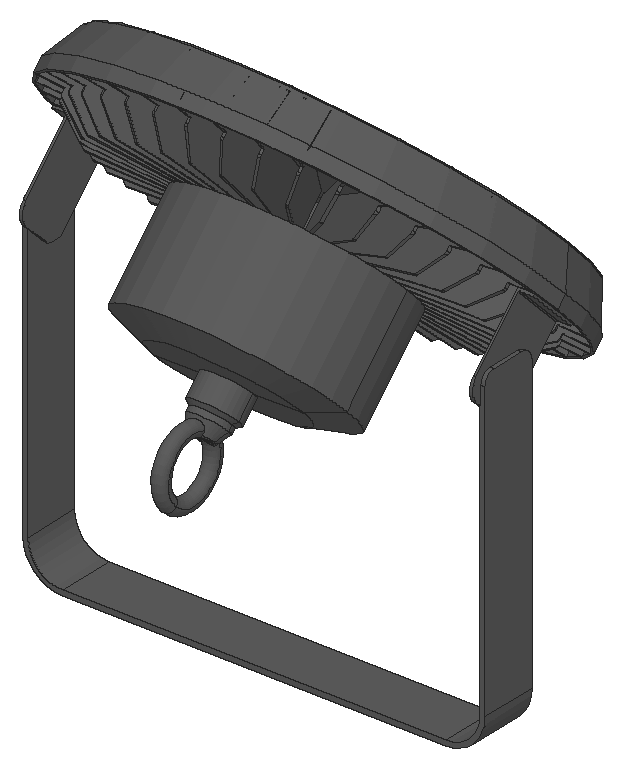
Revit family "0039348+0039354 Feilo Sylvania Lighting Fixture START HIGHBAY 4K 19KLM WIDE with BRACKET", category Lighting Fixtures, host Face, Revit 2017 (continued)
Definition of nested family "Start LED Highbay Head"
  Dimensions and locks
    equal spacing: plane 38, plane 3 "Center (Left/Right)", plane 39
    "EyeThickness_FEILO": plane 38 to plane 39
    "EyeThickness_FEILO": plane 37 to plane 40
    equal spacing: plane 37, plane 41, plane 40
    equal spacing: plane 6, plane 42, plane 18
    "ThicknessBracket_FEILO": plane 45 to plane 6
    "ThicknessBracket_FEILO": plane 8 to plane 44
    locked: plane 43 to plane 18 at 1
    equal spacing: plane 24, plane 46, plane 26
    equal spacing: plane 47, plane 1 "Center (Front/Back)", plane 48
    "WidthBracket_FEILO": plane 47 to plane 48
    "WidthRingChamfer_FEILO": plane 50 to plane 49
    "ThicknessWall_FEILO": plane 51 to plane 49
    equal spacing: plane 50, plane 52, plane 51
    "ThicknessBracket_FEILO": plane 54 to plane 50
    locked: plane 53 to plane 51 at 1
    "Radius_FEILO": plane 49 to plane 3 "Center (Left/Right)"
    "ShadeRadiusOut_FEILO": plane 3 "Center (Left/Right)" to plane 55
    "ShadeHeight_FEILO": plane 56 to plane 4
    "ShadeRadiusIn_FEILO": plane 3 "Center (Left/Right)" to plane 57
    locked: plane 58 to plane 57 at 8
    "ShadeThickness_FEILO": plane 60 to plane 4
    "ShadeThickness_FEILO": plane 59 to plane 55
    "EyeThicknessHalf_FEILO": radius of curve 8
    "ThicknessBracket_FEILO": radius of Extrusion 7 sketch curve  (x2)
    "ThicknessBracketHalf_FEILO": radius of Extrusion 7 sketch curve  (x2)
    "ShadeRadiusBend_FEILO": radius of curve 9
    aligned and locked: plane 2 to Extrusion 1
    aligned and locked: level to Extrusion 1
    aligned and locked: plane 5 to curve 1
    aligned and locked: plane 6 to curve 1
    aligned and locked: plane 7 to curve 1
    aligned and locked: plane 10 to curve 2
    aligned and locked: plane 9 to curve 3
    aligned and locked: plane 4 to curve 3
    aligned and locked: plane 11 to curve 3
    aligned and locked: plane 4 to curve 4
    aligned and locked: plane 18 to curve 5
    aligned and locked: plane 10 to curve 5
    aligned and locked: Revolve 2 sketch curve to plane 3 "Center (Left/Right)"
    aligned and locked: Revolve 2 sketch curve to curve 3
    aligned and locked: Revolve 2 sketch curve to curve 1
    aligned and locked: plane 4 to Revolve 2 sketch curve
    aligned and locked: plane 9 to Revolve 2 sketch curve
    aligned and locked: Revolve 2 sketch curve to plane 13
    aligned and locked: Revolve 2 sketch curve to plane 10
    aligned and locked: plane 13 to Revolve 2 sketch curve
    aligned and locked: plane 10 to Revolve 2 sketch curve
    aligned and locked: Revolve 2 sketch curve to plane 18
    aligned and locked: Revolve 2 sketch curve to plane 8
    aligned and locked: plane 5 to Revolve 2 sketch curve  (x2)
    aligned and locked: Revolve 3 sketch curve to plane 3 "Center (Left/Right)"
    aligned and locked: plane 11 to Revolve 3 sketch curve
    aligned and locked: Revolve 3 sketch curve to curve 2
    aligned and locked: plane 15 to Revolve 3 sketch curve
    aligned and locked: Revolve 3 sketch curve to plane 16
    aligned and locked: plane 17 to Revolve 3 sketch curve  (x2)
    aligned and locked: Revolve 3 sketch curve to plane 12
    aligned and locked: plane 7 to Revolve 3 sketch curve
    aligned and locked: Revolve 4 sketch curve to plane 3 "Center (Left/Right)"
    aligned and locked: Revolve 4 sketch curve to plane 14
    aligned and locked: plane 3 "Center (Left/Right)" to Revolve 4 sketch curve
    aligned and locked: Revolve 4 sketch curve to plane 12
    aligned and locked: plane 15 to Revolve 4 sketch curve
    aligned and locked: Revolve 2 sketch curve to curve 5
    aligned and locked: plane 22 to curve 6
    aligned and locked: plane 21 to curve 6
    aligned and locked: plane 20 to curve 6
    aligned and locked: plane 19 to curve 6
    aligned and locked: plane 33 to curve 7
    aligned and locked: plane 32 to curve 7
    aligned and locked: plane 35 to curve 7
    aligned and locked: plane 34 to curve 7
    aligned and locked: Revolve 5 sketch curve to plane 3 "Center (Left/Right)"
    aligned and locked: Revolve 5 sketch curve to plane 25
    aligned and locked: plane 27 to Revolve 5 sketch curve
    aligned and locked: plane 28 to Revolve 5 sketch curve
    aligned and locked: plane 30 to Revolve 5 sketch curve
    aligned and locked: Revolve 5 sketch curve to plane 29
    aligned and locked: plane 31 to Revolve 5 sketch curve
    aligned and locked: Revolve 5 sketch curve to curve 7
    aligned and locked: Revolve 5 sketch curve to plane 32
    aligned and locked: plane 34 to Revolve 5 sketch curve
    aligned and locked: plane 3 "Center (Left/Right)" to Revolve 5 sketch curve
    aligned and locked: plane 3 "Center (Left/Right)" to curve 8
    aligned and locked: plane 41 to curve 8
    aligned and locked: Revolve 6 sketch curve to plane 36
    aligned and locked: Revolve 6 sketch curve to curve 8
    aligned and locked: plane 43 to Extrusion 7 sketch curve  (x2)
    aligned and locked: plane 8 to Extrusion 7 sketch curve  (x3)
    aligned and locked: Extrusion 7 sketch curve to plane 45
    aligned and locked: Extrusion 7 sketch curve to plane 46  (x2)
    aligned and locked: plane 6 to Extrusion 7 sketch curve
    aligned and locked: Extrusion 7 sketch curve to plane 44  (x2)
    aligned and locked: Extrusion 7 to plane 48
    aligned and locked: plane 47 to Extrusion 7
    aligned and locked: plane 53 to Extrusion 7 sketch curve
    aligned and locked: plane 50 to Extrusion 7 sketch curve
    aligned and locked: Extrusion 7 sketch curve to plane 54
    aligned and locked: Extrusion 8 sketch curve to Extrusion 8 sketch curve
    aligned and locked: Extrusion 8 to plane 6
    aligned and locked: Extrusion 8 to Extrusion 7
    aligned and locked: Revolve 5 sketch curve to plane 22
    aligned and locked: plane 23 to nested 1
    aligned and locked: plane 1 "Center (Front/Back)" to nested 1
    aligned and locked: Revolve 9 sketch curve to plane 3 "Center (Left/Right)"
    aligned and locked: Revolve 9 sketch curve to plane 4
    aligned and locked: plane 6 to Revolve 9 sketch curve
    aligned and locked: plane 4 to Revolve 9 sketch curve
    aligned and locked: plane 7 to Revolve 9 sketch curve
    aligned and locked: Revolve 9 sketch curve to plane 5
    aligned and locked: plane 8 to Revolve 9 sketch curve  (x2)
    aligned and locked: Revolve 9 sketch curve to plane 19
    aligned and locked: plane 20 to Revolve 9 sketch curve
    aligned and locked: plane 19 to Revolve 9 sketch curve
    aligned and locked: plane 21 to Revolve 9 sketch curve
    aligned and locked: plane 22 to Revolve 9 sketch curve  (x2)
    aligned and locked: Revolve 9 sketch curve to Revolve 9 sketch curve
    aligned and locked: imposter light to plane 4
    aligned and locked: plane 3 "Center (Left/Right)" to imposter light
    aligned and locked: imposter light to plane 1 "Center (Front/Back)"
    aligned and locked: plane 55 to curve 9
    aligned and locked: plane 56 to curve 9
    aligned and locked: plane 57 to curve 9
    aligned and locked: plane 4 to curve 9
    aligned and locked: Revolve 10 sketch curve to curve 9
    aligned and locked: plane 58 to Revolve 10 sketch curve
    aligned and locked: plane 57 to Revolve 10 sketch curve
    aligned and locked: plane 56 to Revolve 10 sketch curve  (x2)
    aligned and locked: Revolve 10 sketch curve to plane 58
    aligned and locked: plane 60 to Revolve 10 sketch curve
  Automatic sketch dimensions
    Extrusion 1 sketch curve to Extrusion 1 sketch curve = 2438.4 mm  (x2)
    Revolve 2 sketch curve to plane 6 = 0.299 mm
    plane 6 to Revolve 2 sketch curve = 0.459 mm
    Revolve 2 sketch curve to level = 609.6 mm
    Revolve 2 sketch curve to Revolve 2 sketch curve = 2312.223 mm
    Revolve 3 sketch curve to plane 12 = 0 mm
    Revolve 3 sketch curve to plane 3 "Center (Left/Right)" = 0 mm
    Revolve 3 sketch curve to level = 609.6 mm
    Revolve 3 sketch curve to plane 4 = 2339.058 mm
    Revolve 4 sketch curve to level = 609.6 mm
    Revolve 4 sketch curve to plane 4 = 2339.058 mm
    Revolve 6 sketch curve to plane 5 = 1080 mm
    plane 38 to Revolve 6 sketch curve = 1219.2 mm
    Extrusion 8 sketch curve to plane 47 = 0 mm
    plane 46 to Extrusion 8 sketch curve = 0 mm  (x2)
    Extrusion 8 sketch curve to plane 48 = 0 mm
    plane 47 to Extrusion 8 sketch curve = 5 mm
    plane 1 "Center (Front/Back)" to Extrusion 8 sketch curve = 10 mm
    Extrusion 8 sketch curve to Extrusion 8 sketch curve = 10 mm
    plane 46 to Extrusion 8 sketch curve = 5 mm
    Extrusion 8 sketch curve to Extrusion 8 sketch curve = 5 mm
    Extrusion 8 sketch curve to plane 48 = 5 mm
    Revolve 5 sketch curve to plane 26 = 0 mm
    Revolve 5 sketch curve to plane 35 = 0.437 mm
    plane 35 to Revolve 5 sketch curve = 0.847 mm
    Revolve 5 sketch curve to plane 34 = 0.726 mm
    plane 40 to Revolve 5 sketch curve = 590.2 mm
    Revolve 5 sketch curve to plane 4 = 2339.058 mm
    Revolve 9 sketch curve to level = 609.6 mm
    Revolve 9 sketch curve to Revolve 9 sketch curve = 2386.058 mm
    curve 2 to plane 3 "Center (Left/Right)" = 0 mm
    Revolve 10 sketch curve to Revolve 10 sketch curve = 0 mm  (x2)
    Revolve 10 sketch curve to plane 3 "Center (Left/Right)" = 0 mm
    plane 57 to Revolve 10 sketch curve = 0.659 mm
    Revolve 10 sketch curve to level = 609.6 mm
    Revolve 10 sketch curve to Revolve 10 sketch curve = 2068.248 mm
  Nested families
    nested 1: "Start Highbay Rib" at (0, 0, 67.775), type "Type Name", detail levels medium+fine
      with SuspensionHeight_FEILO 2.6 mm
    nested 2: "Start Highbay Rib" at (0, 0, 67.775) x (0.9877, 0.1564, 0) z (0, 0, 1), type "Type Name", detail levels medium+fine
      with SuspensionHeight_FEILO 2.6 mm
    nested 3: "Start Highbay Rib" at (0, 0, 67.775) x (0.9511, 0.309, 0) z (0, 0, 1), type "Type Name", detail levels medium+fine
      with SuspensionHeight_FEILO 2.6 mm
    nested 4: "Start Highbay Rib" at (0, 0, 67.775) x (0.891, 0.454, 0) z (0, 0, 1), type "Type Name", detail levels medium+fine
      with SuspensionHeight_FEILO 2.6 mm
    nested 5: "Start Highbay Rib" at (0, 0, 67.775) x (0.809, 0.5878, 0) z (0, 0, 1), type "Type Name", detail levels medium+fine
      with SuspensionHeight_FEILO 2.6 mm
    nested 6: "Start Highbay Rib" at (0, 0, 67.775) x (0.7071, 0.7071, 0) z (0, 0, 1), type "Type Name", detail levels medium+fine
      with SuspensionHeight_FEILO 2.6 mm
    nested 7: "Start Highbay Rib" at (0, 0, 67.775) x (0.5878, 0.809, 0) z (0, 0, 1), type "Type Name", detail levels medium+fine
      with SuspensionHeight_FEILO 2.6 mm
    nested 8: "Start Highbay Rib" at (0, 0, 67.775) x (0.454, 0.891, 0) z (0, 0, 1), type "Type Name", detail levels medium+fine
      with SuspensionHeight_FEILO 2.6 mm
    nested 9: "Start Highbay Rib" at (0, 0, 67.775) x (0.309, 0.9511, 0) z (0, 0, 1), type "Type Name", detail levels medium+fine
      with SuspensionHeight_FEILO 2.6 mm
    nested 10: "Start Highbay Rib" at (0, 0, 67.775) x (0.1564, 0.9877, 0) z (0, 0, 1), type "Type Name", detail levels medium+fine
      with SuspensionHeight_FEILO 2.6 mm
    nested 11: "Start Highbay Rib" at (0, 0, 67.775) x (0, 1, 0) z (0, 0, 1), type "Type Name", detail levels medium+fine
      with SuspensionHeight_FEILO 2.6 mm
    nested 12: "Start Highbay Rib" at (0, 0, 67.775) x (-0.1564, 0.9877, 0) z (0, 0, 1), type "Type Name", detail levels medium+fine
      with SuspensionHeight_FEILO 2.6 mm
    nested 13: "Start Highbay Rib" at (0, 0, 67.775) x (-0.309, 0.9511, 0) z (0, 0, 1), type "Type Name", detail levels medium+fine
      with SuspensionHeight_FEILO 2.6 mm
    nested 14: "Start Highbay Rib" at (0, 0, 67.775) x (-0.454, 0.891, 0) z (0, 0, 1), type "Type Name", detail levels medium+fine
      with SuspensionHeight_FEILO 2.6 mm
    nested 15: "Start Highbay Rib" at (0, 0, 67.775) x (-0.5878, 0.809, 0) z (0, 0, 1), type "Type Name", detail levels medium+fine
      with SuspensionHeight_FEILO 2.6 mm
    nested 16: "Start Highbay Rib" at (0, 0, 67.775) x (-0.7071, 0.7071, 0) z (0, 0, 1), type "Type Name", detail levels medium+fine
      with SuspensionHeight_FEILO 2.6 mm
    nested 17: "Start Highbay Rib" at (0, 0, 67.775) x (-0.809, 0.5878, 0) z (0, 0, 1), type "Type Name", detail levels medium+fine
      with SuspensionHeight_FEILO 2.6 mm
    nested 18: "Start Highbay Rib" at (0, 0, 67.775) x (-0.891, 0.454, 0) z (0, 0, 1), type "Type Name", detail levels medium+fine
      with SuspensionHeight_FEILO 2.6 mm
    nested 19: "Start Highbay Rib" at (0, 0, 67.775) x (-0.9511, 0.309, 0) z (0, 0, 1), type "Type Name", detail levels medium+fine
      with SuspensionHeight_FEILO 2.6 mm
    nested 20: "Start Highbay Rib" at (0, 0, 67.775) x (-0.9877, 0.1564, 0) z (0, 0, 1), type "Type Name", detail levels medium+fine
      with SuspensionHeight_FEILO 2.6 mm
    nested 21: "Start Highbay Rib" at (0, 0, 67.775) x (-1, 0, 0) z (0, 0, 1), type "Type Name", detail levels medium+fine
      with SuspensionHeight_FEILO 2.6 mm
    nested 22: "Start Highbay Rib" at (0, 0, 67.775) x (-0.9877, -0.1564, 0) z (0, 0, 1), type "Type Name", detail levels medium+fine
      with SuspensionHeight_FEILO 2.6 mm
    nested 23: "Start Highbay Rib" at (0, 0, 67.775) x (-0.9511, -0.309, 0) z (0, 0, 1), type "Type Name", detail levels medium+fine
      with SuspensionHeight_FEILO 2.6 mm
    nested 24: "Start Highbay Rib" at (0, 0, 67.775) x (-0.891, -0.454, 0) z (0, 0, 1), type "Type Name", detail levels medium+fine
      with SuspensionHeight_FEILO 2.6 mm
    nested 25: "Start Highbay Rib" at (0, 0, 67.775) x (-0.809, -0.5878, 0) z (0, 0, 1), type "Type Name", detail levels medium+fine
      with SuspensionHeight_FEILO 2.6 mm
    nested 26: "Start Highbay Rib" at (0, 0, 67.775) x (-0.7071, -0.7071, 0) z (0, 0, 1), type "Type Name", detail levels medium+fine
      with SuspensionHeight_FEILO 2.6 mm
    nested 27: "Start Highbay Rib" at (0, 0, 67.775) x (-0.5878, -0.809, 0) z (0, 0, 1), type "Type Name", detail levels medium+fine
      with SuspensionHeight_FEILO 2.6 mm
    nested 28: "Start Highbay Rib" at (0, 0, 67.775) x (-0.454, -0.891, 0) z (0, 0, 1), type "Type Name", detail levels medium+fine
      with SuspensionHeight_FEILO 2.6 mm
    nested 29: "Start Highbay Rib" at (0, 0, 67.775) x (-0.309, -0.9511, 0) z (0, 0, 1), type "Type Name", detail levels medium+fine
      with SuspensionHeight_FEILO 2.6 mm
    nested 30: "Start Highbay Rib" at (0, 0, 67.775) x (-0.1564, -0.9877, 0) z (0, 0, 1), type "Type Name", detail levels medium+fine
      with SuspensionHeight_FEILO 2.6 mm
    nested 31: "Start Highbay Rib" at (0, 0, 67.775) x (0, -1, 0) z (0, 0, 1), type "Type Name", detail levels medium+fine
      with SuspensionHeight_FEILO 2.6 mm
    nested 32: "Start Highbay Rib" at (0, 0, 67.775) x (0.1564, -0.9877, 0) z (0, 0, 1), type "Type Name", detail levels medium+fine
      with SuspensionHeight_FEILO 2.6 mm
    nested 33: "Start Highbay Rib" at (0, 0, 67.775) x (0.309, -0.9511, 0) z (0, 0, 1), type "Type Name", detail levels medium+fine
      with SuspensionHeight_FEILO 2.6 mm
    nested 34: "Start Highbay Rib" at (0, 0, 67.775) x (0.454, -0.891, 0) z (0, 0, 1), type "Type Name", detail levels medium+fine
      with SuspensionHeight_FEILO 2.6 mm
    nested 35: "Start Highbay Rib" at (0, 0, 67.775) x (0.5878, -0.809, 0) z (0, 0, 1), type "Type Name", detail levels medium+fine
      with SuspensionHeight_FEILO 2.6 mm
    nested 36: "Start Highbay Rib" at (0, 0, 67.775) x (0.7071, -0.7071, 0) z (0, 0, 1), type "Type Name", detail levels medium+fine
      with SuspensionHeight_FEILO 2.6 mm
    nested 37: "Start Highbay Rib" at (0, 0, 67.775) x (0.809, -0.5878, 0) z (0, 0, 1), type "Type Name", detail levels medium+fine
      with SuspensionHeight_FEILO 2.6 mm
    nested 38: "Start Highbay Rib" at (0, 0, 67.775) x (0.891, -0.454, 0) z (0, 0, 1), type "Type Name", detail levels medium+fine
      with SuspensionHeight_FEILO 2.6 mm
    nested 39: "Start Highbay Rib" at (0, 0, 67.775) x (0.9511, -0.309, 0) z (0, 0, 1), type "Type Name", detail levels medium+fine
      with SuspensionHeight_FEILO 2.6 mm
    nested 40: "Start Highbay Rib" at (0, 0, 67.775) x (0.9877, -0.1564, 0) z (0, 0, 1), type "Type Name", detail levels medium+fine
      with SuspensionHeight_FEILO 2.6 mm
  Definition of nested family "Start Highbay Rib"
    Parameters (values of type "Type Name")
      WidthStraight_FEILO = if(SizeS_FEILO, 3 mm, if(SizeM_FEILO, 4 mm, 4.7 mm))  # 3 mm
      WidthRingChamfer_FEILO = if(SizeS_FEILO, 10.3 mm, if(SizeM_FEILO, 11.2 mm, 12.9 mm))  # 10.3 mm
      WidthCurved_FEILO = if(SizeS_FEILO, 17.4 mm, if(SizeM_FEILO, 16.4 mm, 26.2 mm))  # 17.4 mm
      WidthCurvedRing_FEILO = if(SizeS_FEILO, 3 mm, if(SizeM_FEILO, 4 mm, 4.7 mm))  # 3 mm
      WidthBracket_FEILO = 40 mm
      URL = "http://www.feilosylvania.com"
      Type Image = (empty or 0)
      Type Comments = "n/a"
      ThicknessWall_FEILO = 1.5 mm
      ThicknessBracket_FEILO = 1.5 mm
      ThicknessBracketHalf_FEILO = ThicknessBracket_FEILO / 2  # 0.75 mm
      SuspensionHeight_FEILO [instance] = 2.6 mm
      SizeS_FEILO = yes
      SizeM_FEILO = no
      Rib4_FEILO = if(SizeS_FEILO, 18.1 mm, if(SizeM_FEILO, 13.6 mm, 14.6 mm))  # 18.1 mm
      Rib3_FEILO = if(SizeS_FEILO, 15.3 mm, if(SizeM_FEILO, 17.6 mm, 20.2 mm))  # 15.3 mm
      Rib2_FEILO = if(SizeS_FEILO, 3.6 mm, if(SizeM_FEILO, 3.9 mm, 4.5 mm))  # 3.6 mm
      Rib1_FEILO = if(SizeS_FEILO, 15.1 mm, if(SizeM_FEILO, 16.5 mm, 19 mm))  # 15.1 mm
      RadiusRib_FEILO = 2 mm
      RadiusDiffuser_FEILO = if(SizeS_FEILO, 95.2 mm, if(SizeM_FEILO, 105.3 mm, 120 mm))  # 95.2 mm
      RHRadius3_FEILO = if(SizeS_FEILO, 6.6 mm, if(SizeM_FEILO, 7.4 mm, 8.6 mm))  # 6.6 mm
      RHRadius2_FEILO = if(SizeS_FEILO, 11 mm, if(SizeM_FEILO, 12 mm, 14 mm))  # 11 mm
      RHRadius1_FEILO = if(SizeS_FEILO, 13.6 mm, if(SizeM_FEILO, 14.9 mm, 17.7 mm))  # 13.6 mm
      RHHeight4_FEILO = if(SizeS_FEILO, 7.3 mm, if(SizeM_FEILO, 8 mm, 9.2 mm))  # 7.3 mm
      RHHeight3_FEILO = if(SizeS_FEILO, 3.6 mm, if(SizeM_FEILO, 3.7 mm, 4.6 mm))  # 3.6 mm
      RHHeight2_FEILO = if(SizeS_FEILO, 2 mm, if(SizeM_FEILO, 2.2 mm, 2.6 mm))  # 2 mm
      RHHeight1_FEILO = if(SizeS_FEILO, 11.8 mm, if(SizeM_FEILO, 15.3 mm, 17.4 mm))  # 11.8 mm
      Material_3_FEILO = none
      Model = ""
      Manufacturer = "Feilo Sylvania"
      Keynote = "16500"
      HeightRing_FEILO = if(SizeS_FEILO, 19.8 mm, if(SizeM_FEILO, 32 mm, 36.8 mm))  # 19.8 mm
      HeightRingChamfer_FEILO = if(SizeS_FEILO, 11.7 mm, if(SizeM_FEILO, 23.2 mm, 26.6 mm))  # 11.7 mm
      EyeThickness_FEILO = if(SizeS_FEILO, 8.4 mm, if(SizeM_FEILO, 9.2 mm, 10.5 mm))  # 8.4 mm
      EyeThicknessHalf_FEILO = EyeThickness_FEILO / 2  # 4.2 mm
      EyeInner_FEILO = if(SizeS_FEILO, 13.8 mm, if(SizeM_FEILO, 15.1 mm, 17.3 mm))  # 13.8 mm
      DriverVerticalStraight_FEILO = if(SizeS_FEILO, 46.5 mm, if(SizeM_FEILO, 49.7 mm, 57 mm))  # 46.5 mm
      DriverVerticalChamfer_FEILO = if(SizeS_FEILO, 7.5 mm, if(SizeM_FEILO, 8.2 mm, 9.5 mm))  # 7.5 mm
      DriverRadius_FEILO = if(SizeS_FEILO, 61.4 mm, if(SizeM_FEILO, 67.2 mm, 76.4 mm))  # 61.4 mm
      DriverRadiusTop_FEILO = if(SizeS_FEILO, 42 mm, if(SizeM_FEILO, 45.3 mm, 52.4 mm))  # 42 mm
      DriverBottom_FEILO = if(SizeS_FEILO, 56 mm, if(SizeM_FEILO, 64.5 mm, 74 mm))  # 56 mm
      Material_2_FEILO = none
      Radius_FEILO = if(SizeS_FEILO, 135 mm, if(SizeM_FEILO, 148 mm, 169.5 mm))  # 135 mm
      Description = ""
      Default Elevation = 1219.2 mm
      Cost = 0
      Material_1_FEILO = none
      Assembly Code = "D5020200"
      Material_4_FEILO = none
    Reference planes
      plane 1 "Center (Front/Back)": y = 0
      plane 2: z = 0
      plane 3 "Center (Left/Right)": x = 0
      plane 4: z = 2.6
      plane 5: x = -135
      plane 6: x = -124.7
      plane 7: z = -9.1
      plane 8: z = -17.2
      plane 9: x = -121.7
      plane 10: z = -0.025
      plane 11: x = -104.3
      plane 12: x = -95.2
      plane 13: x = -118.7
      plane 14: z = 0.975
      plane 15: z = -1.025
      plane 16: x = -92.2
      plane 17: z = -2.025
      plane 18: x = -133.5
      plane 19: x = -119.9
      plane 20: z = -20.8
      plane 21: x = -104.6
      plane 22: z = -38.9
      plane 23: x = -20
      plane 24: z = -53.4
      plane 25: x = -61.4
      plane 26: z = -99.9
      plane 27: x = -42
      plane 28: z = -107.4
      plane 29: x = -13.6
      plane 30: z = -119.2
      plane 31: z = -121.2
      plane 32: x = -11
      plane 33: z = -124.8
      plane 34: z = -132.1
      plane 35: x = -6.6
      plane 36: z = -145.9
      plane 37: z = -159.7
      plane 38: x = 4.2
      plane 39: x = -4.2
      plane 40: z = -168.1
      plane 41: z = -163.9
      plane 42: x = -129.1
      plane 43: x = -132.5
      plane 44: z = -18.7
      plane 45: x = -123.2
      plane 46: z = -76.65
      plane 47: y = -20
      plane 48: y = 20
      plane 49: x = 135
      plane 50: x = 124.7
      plane 51: x = 133.5
      plane 52: x = 129.1
      plane 53: x = 132.5
      plane 54: x = 123.2
      plane 55: y = 0.75
      plane 56: y = -0.75
    Forms (mm)
      Extrusion 1, solid
        sketch origin (4.2, 0, 0) x (1, 0, 0) y (0, 1, 0)
          loop
            line (-1219.2, 1219.2) -> (-1219.2, -1219.2) -> (1219.2, -1219.2) -> (1219.2, 1219.2) -> (-1219.2, 1219.2)
        from 0 to -68.017
      Extrusion 2, solid, material <- "Material_1_FEILO"
        sketch origin (0, 0, 0) x (1, 0, 0) y (0, 0, 1)
          loop
            arc (-104.3, -0.025) -> (-111.555, 0.423) -> (-118.7, 1.76) r 58.981
            line (-118.7, 1.76) -> (-118.7, -0.025) -> (-125.012, -0.025) -> (-133.5, -9.666) -> (-133.5, -17.2) -> (-119.9, -17.2) -> (-119.9, -20.068)
            arc (-119.9, -20.068) -> (-119.778, -20.755) -> (-119.427, -21.359) r 2
            line (-119.427, -21.359) -> (-104.966, -38.467)
            arc (-104.966, -38.467) -> (-104.381, -38.789) -> (-103.723, -38.9) r 2
            line (-103.723, -38.9) -> (-20, -38.9) -> (-20, -9.1) -> (-95.2, -9.1) -> (-95.2, -2.025) -> (-104.3, -2.025) -> (-104.3, -0.025)
        from -0.75 to 0.75
    Lines and regions (mm)
      reference lines
        curve 1: line (-135, 0, -9.1) -> (-124.7, 0, 2.6)
        curve 2: line (-104.3, 0, -0.025) -> (0, 0, -0.025)
        curve 3: arc (-104.3, 0, -0.025) -> (-113.098, 0, 0.635) -> (-121.7, 0, 2.6) r 58.981
        curve 4: line (-124.7, 0, 2.6) -> (-121.7, 0, 2.6)
        curve 5: line (-125.012, 0, -0.025) -> (-133.5, 0, -9.666)
        curve 6: line (-119.9, 0, -20.8) -> (-104.6, 0, -38.9)
    Dimensions and locks
      "Radius_FEILO": plane 3 "Center (Left/Right)" to plane 5
      "WidthRingChamfer_FEILO": plane 6 to plane 5
      "WidthStraight_FEILO": plane 9 to plane 6
      "WidthCurvedRing_FEILO": plane 13 to plane 9
      locked: plane 10 to plane 15 at 1
      locked: plane 14 to plane 10 at 1
      locked: plane 4 to plane 10 at 2.625
      locked: plane 15 to plane 17 at 1
      "ThicknessWall_FEILO": plane 18 to plane 5
      "ThicknessWall_FEILO": curve 5 to curve 1
      "HeightRingChamfer_FEILO": plane 4 to plane 7
      "HeightRing_FEILO": plane 4 to plane 8
      "RadiusDiffuser_FEILO": plane 3 "Center (Left/Right)" to plane 12
      locked: plane 16 to plane 12 at 3
      "WidthCurved_FEILO": plane 11 to plane 9
      "SuspensionHeight_FEILO": plane 4 to plane 2
      "Rib1_FEILO": plane 19 to plane 5
      "Rib2_FEILO": plane 8 to plane 20
      "Rib3_FEILO": plane 21 to plane 19
      "Rib4_FEILO": plane 20 to plane 22
      locked: plane 3 "Center (Left/Right)" to plane 23 at 20
      "DriverBottom_FEILO": plane 4 to plane 24
      "DriverRadius_FEILO": plane 3 "Center (Left/Right)" to plane 25
      "DriverVerticalStraight_FEILO": plane 24 to plane 26
      "DriverRadiusTop_FEILO": plane 3 "Center (Left/Right)" to plane 27
      "DriverVerticalChamfer_FEILO": plane 26 to plane 28
      "RHRadius1_FEILO": plane 3 "Center (Left/Right)" to plane 29
      "RHHeight2_FEILO": plane 30 to plane 31
      "RHRadius2_FEILO": plane 3 "Center (Left/Right)" to plane 32
      "RHHeight3_FEILO": plane 31 to plane 33
      "RHHeight4_FEILO": plane 33 to plane 34
      "RHRadius3_FEILO": plane 3 "Center (Left/Right)" to plane 35
      "RHHeight1_FEILO": plane 28 to plane 30
      "EyeInner_FEILO": plane 34 to plane 36
      "EyeInner_FEILO": plane 36 to plane 37
      equal spacing: plane 38, plane 3 "Center (Left/Right)", plane 39
      "EyeThickness_FEILO": plane 38 to plane 39
      "EyeThickness_FEILO": plane 37 to plane 40
      equal spacing: plane 37, plane 41, plane 40
      equal spacing: plane 6, plane 42, plane 18
      "ThicknessBracket_FEILO": plane 45 to plane 6
      "ThicknessBracket_FEILO": plane 8 to plane 44
      locked: plane 43 to plane 18 at 1
      equal spacing: plane 24, plane 46, plane 26
      equal spacing: plane 47, plane 1 "Center (Front/Back)", plane 48
      "WidthBracket_FEILO": plane 47 to plane 48
      "WidthRingChamfer_FEILO": plane 50 to plane 49
      "ThicknessWall_FEILO": plane 51 to plane 49
      equal spacing: plane 50, plane 52, plane 51
      "ThicknessBracket_FEILO": plane 54 to plane 50
      locked: plane 53 to plane 51 at 1
      "Radius_FEILO": plane 49 to plane 3 "Center (Left/Right)"
      equal spacing: plane 56, plane 1 "Center (Front/Back)", plane 55
      "ThicknessWall_FEILO": plane 56 to plane 55
      "RadiusRib_FEILO": radius of Extrusion 2 sketch curve  (x2)
      aligned and locked: plane 2 to Extrusion 1
      aligned and locked: level to Extrusion 1
      aligned and locked: plane 5 to curve 1
      aligned and locked: plane 6 to curve 1
      aligned and locked: plane 7 to curve 1
      aligned and locked: plane 10 to curve 2
      aligned and locked: plane 9 to curve 3
      aligned and locked: plane 4 to curve 3
      aligned and locked: plane 11 to curve 3
      aligned and locked: plane 4 to curve 4
      aligned and locked: plane 18 to curve 5
      aligned and locked: plane 10 to curve 5
      aligned and locked: plane 22 to curve 6
      aligned and locked: plane 21 to curve 6
      aligned and locked: plane 20 to curve 6
      aligned and locked: plane 19 to curve 6
      aligned and locked: Extrusion 2 sketch curve to plane 23
      aligned and locked: Extrusion 2 sketch curve to plane 22
      aligned and locked: Extrusion 2 sketch curve to curve 6
      aligned and locked: plane 19 to Extrusion 2 sketch curve
      aligned and locked: Extrusion 2 sketch curve to plane 8
      aligned and locked: Extrusion 2 sketch curve to curve 5
      aligned and locked: Extrusion 2 sketch curve to curve 3
      aligned and locked: Extrusion 2 to plane 55
      aligned and locked: plane 56 to Extrusion 2
      aligned and locked: curve 6 to Extrusion 2 sketch curve
    Automatic sketch dimensions
      Extrusion 1 sketch curve to Extrusion 1 sketch curve = 2438.4 mm  (x2)
      curve 2 to plane 3 "Center (Left/Right)" = 0 mm
      Extrusion 2 sketch curve to plane 18 = 0 mm
      Extrusion 2 sketch curve to plane 10 = 0 mm
      Extrusion 2 sketch curve to plane 13 = 0 mm
      Extrusion 2 sketch curve to plane 7 = 0 mm
      Extrusion 2 sketch curve to plane 12 = 0 mm
      Extrusion 2 sketch curve to plane 17 = 0 mm
      plane 19 to Extrusion 2 sketch curve = 0.473 mm
      Extrusion 2 sketch curve to plane 21 = 0.366 mm
